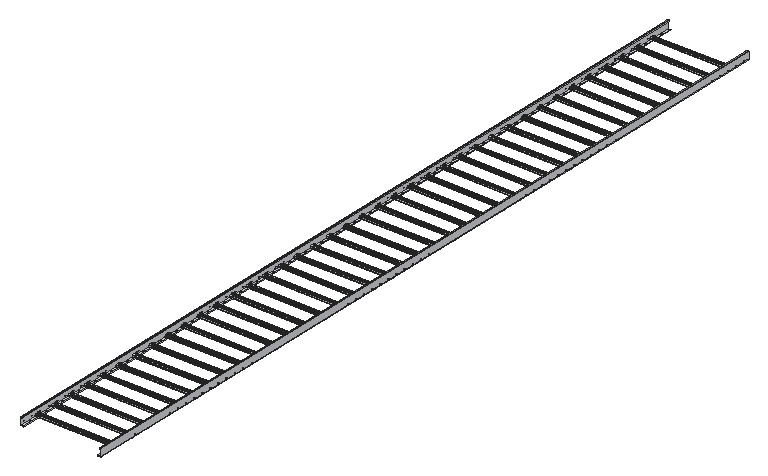
Revit family "Kabelleiter LG 60, 6 m VS FT", category Generic Models, Revit 2017 (continued)
Dimensions and locks
  locked: Extrusion 577 sketch curve to plane 1481 at 3.5
  locked: Extrusion 578 sketch curve to Extrusion 578 sketch curve at 7
  locked: Extrusion 578 sketch curve to plane 1483 at 3.5
  locked: Extrusion 579 sketch curve to Extrusion 579 sketch curve at 7
  locked: Extrusion 579 sketch curve to plane 1485 at 3.5
  locked: Extrusion 580 sketch curve to Extrusion 580 sketch curve at 7
  locked: Extrusion 580 sketch curve to plane 1487 at 3.5
  locked: Extrusion 581 sketch curve to Extrusion 581 sketch curve at 7
  locked: Extrusion 581 sketch curve to plane 1489 at 3.5
  locked: Extrusion 582 sketch curve to Extrusion 582 sketch curve at 7
  locked: Extrusion 582 sketch curve to plane 1491 at 3.5
  locked: Extrusion 583 sketch curve to Extrusion 583 sketch curve at 7
  locked: Extrusion 583 sketch curve to plane 1493 at 3.5
  locked: Extrusion 584 sketch curve to Extrusion 584 sketch curve at 7
  locked: Extrusion 584 sketch curve to plane 1495 at 3.5
  locked: Extrusion 585 sketch curve to Extrusion 585 sketch curve at 7
  locked: Extrusion 585 sketch curve to plane 1497 at 3.5
  locked: Extrusion 586 sketch curve to Extrusion 586 sketch curve at 7
  locked: Extrusion 586 sketch curve to plane 1499 at 3.5
  locked: Extrusion 587 sketch curve to Extrusion 587 sketch curve at 7
  locked: Extrusion 587 sketch curve to plane 1501 at 3.5
  locked: Extrusion 588 sketch curve to Extrusion 588 sketch curve at 7
  locked: Extrusion 588 sketch curve to plane 1503 at 3.5
  locked: Extrusion 589 sketch curve to Extrusion 589 sketch curve at 7
  locked: Extrusion 589 sketch curve to plane 1505 at 3.5
  locked: Extrusion 590 sketch curve to Extrusion 590 sketch curve at 7
  locked: Extrusion 590 sketch curve to plane 1507 at 3.5
  locked: Extrusion 591 sketch curve to Extrusion 591 sketch curve at 7
  locked: Extrusion 591 sketch curve to plane 1509 at 3.5
  locked: Extrusion 592 sketch curve to Extrusion 592 sketch curve at 7
  locked: Extrusion 592 sketch curve to plane 1511 at 3.5
  locked: Extrusion 593 sketch curve to Extrusion 593 sketch curve at 7
  locked: Extrusion 593 sketch curve to plane 1513 at 3.5
  locked: Extrusion 594 sketch curve to Extrusion 594 sketch curve at 7
  locked: Extrusion 594 sketch curve to plane 1515 at 3.5
  locked: Extrusion 595 sketch curve to Extrusion 595 sketch curve at 7
  locked: Extrusion 595 sketch curve to plane 1517 at 3.5
  locked: Extrusion 596 sketch curve to Extrusion 596 sketch curve at 7
  locked: Extrusion 596 sketch curve to plane 1519 at 3.5
  locked: Extrusion 597 sketch curve to Extrusion 597 sketch curve at 7
  locked: Extrusion 597 sketch curve to plane 1521 at 3.5
  locked: Extrusion 598 sketch curve to Extrusion 598 sketch curve at 7
  locked: Extrusion 598 sketch curve to plane 1523 at 3.5
  locked: Extrusion 599 sketch curve to Extrusion 599 sketch curve at 7
  locked: Extrusion 599 sketch curve to plane 1525 at 3.5
  locked: Extrusion 600 sketch curve to Extrusion 600 sketch curve at 7
  locked: Extrusion 600 sketch curve to plane 1527 at 3.5
  locked: Extrusion 601 sketch curve to Extrusion 601 sketch curve at 7
  locked: Extrusion 601 sketch curve to plane 1529 at 3.5
  locked: Extrusion 602 sketch curve to Extrusion 602 sketch curve at 7
  locked: Extrusion 602 sketch curve to plane 1531 at 3.5
  locked: Extrusion 603 sketch curve to Extrusion 603 sketch curve at 7
  locked: Extrusion 603 sketch curve to plane 1533 at 3.5
  locked: plane 1536 to plane 1535 at 57.5
  locked: Extrusion 604 sketch curve to Extrusion 604 sketch curve at 11
  locked: plane 1535 to Extrusion 604 sketch curve at 5.5
  locked: Extrusion 604 sketch curve to plane 1537 at 8.5
  locked: plane 1539 to plane 1538 at 57.5
  locked: Extrusion 605 sketch curve to Extrusion 605 sketch curve at 11
  locked: plane 1538 to Extrusion 605 sketch curve at 5.5
  locked: Extrusion 605 sketch curve to plane 1540 at 8.5
  locked: plane 1542 to plane 1541 at 57.5
  locked: Extrusion 606 sketch curve to Extrusion 606 sketch curve at 11
  locked: plane 1541 to Extrusion 606 sketch curve at 5.5
  locked: Extrusion 606 sketch curve to plane 1543 at 8.5
  locked: plane 1545 to plane 1544 at 57.5
  locked: Extrusion 607 sketch curve to Extrusion 607 sketch curve at 11
  locked: plane 1544 to Extrusion 607 sketch curve at 5.5
  locked: Extrusion 607 sketch curve to plane 1546 at 8.5
  locked: plane 1548 to plane 1547 at 57.5
  locked: Extrusion 608 sketch curve to Extrusion 608 sketch curve at 11
  locked: plane 1547 to Extrusion 608 sketch curve at 5.5
  locked: Extrusion 608 sketch curve to plane 1549 at 8.5
  locked: plane 1551 to plane 1550 at 57.5
  locked: Extrusion 609 sketch curve to Extrusion 609 sketch curve at 11
  locked: plane 1550 to Extrusion 609 sketch curve at 5.5
  locked: Extrusion 609 sketch curve to plane 1552 at 8.5
  locked: plane 1554 to plane 1553 at 57.5
  locked: Extrusion 610 sketch curve to Extrusion 610 sketch curve at 11
  locked: plane 1553 to Extrusion 610 sketch curve at 5.5
  locked: Extrusion 610 sketch curve to plane 1555 at 8.5
  locked: plane 1557 to plane 1556 at 57.5
  locked: Extrusion 611 sketch curve to Extrusion 611 sketch curve at 11
  locked: plane 1556 to Extrusion 611 sketch curve at 5.5
  locked: Extrusion 611 sketch curve to plane 1558 at 8.5
  locked: plane 1560 to plane 1559 at 57.5
  locked: Extrusion 612 sketch curve to Extrusion 612 sketch curve at 11
  locked: plane 1559 to Extrusion 612 sketch curve at 5.5
  locked: Extrusion 612 sketch curve to plane 1561 at 8.5
  locked: plane 1563 to plane 1562 at 57.5
  locked: Extrusion 613 sketch curve to Extrusion 613 sketch curve at 11
  locked: plane 1562 to Extrusion 613 sketch curve at 5.5
  locked: Extrusion 613 sketch curve to plane 1564 at 8.5
  locked: plane 1566 to plane 1565 at 57.5
  locked: Extrusion 614 sketch curve to Extrusion 614 sketch curve at 11
  locked: plane 1565 to Extrusion 614 sketch curve at 5.5
  locked: Extrusion 614 sketch curve to plane 1567 at 8.5
  locked: plane 1569 to plane 1568 at 57.5
  locked: Extrusion 615 sketch curve to Extrusion 615 sketch curve at 11
  locked: plane 1568 to Extrusion 615 sketch curve at 5.5
  locked: Extrusion 615 sketch curve to plane 1570 at 8.5
  locked: plane 1572 to plane 1571 at 57.5
  locked: Extrusion 616 sketch curve to Extrusion 616 sketch curve at 11
  locked: plane 1571 to Extrusion 616 sketch curve at 5.5
  locked: Extrusion 616 sketch curve to plane 1573 at 8.5
  locked: plane 1575 to plane 1574 at 57.5
  locked: Extrusion 617 sketch curve to Extrusion 617 sketch curve at 11
  locked: plane 1574 to Extrusion 617 sketch curve at 5.5
  locked: Extrusion 617 sketch curve to plane 1576 at 8.5
  locked: plane 1578 to plane 1577 at 57.5
  locked: Extrusion 618 sketch curve to Extrusion 618 sketch curve at 11
  locked: plane 1577 to Extrusion 618 sketch curve at 5.5
  locked: Extrusion 618 sketch curve to plane 1579 at 8.5
  locked: plane 1581 to plane 1580 at 57.5
  locked: Extrusion 619 sketch curve to Extrusion 619 sketch curve at 11
  locked: plane 1580 to Extrusion 619 sketch curve at 5.5
  locked: Extrusion 619 sketch curve to plane 1582 at 8.5
  locked: plane 1584 to plane 1583 at 57.5
  locked: Extrusion 620 sketch curve to Extrusion 620 sketch curve at 11
  locked: plane 1583 to Extrusion 620 sketch curve at 5.5
  locked: Extrusion 620 sketch curve to plane 1585 at 8.5
  locked: plane 1587 to plane 1586 at 57.5
  locked: Extrusion 621 sketch curve to Extrusion 621 sketch curve at 11
  locked: plane 1586 to Extrusion 621 sketch curve at 5.5
  locked: Extrusion 621 sketch curve to plane 1588 at 8.5
  locked: plane 1590 to plane 1589 at 57.5
  locked: Extrusion 622 sketch curve to Extrusion 622 sketch curve at 11
  locked: plane 1589 to Extrusion 622 sketch curve at 5.5
  locked: Extrusion 622 sketch curve to plane 1591 at 8.5
  locked: plane 1593 to plane 1592 at 57.5
  locked: Extrusion 623 sketch curve to Extrusion 623 sketch curve at 11
  locked: plane 1592 to Extrusion 623 sketch curve at 5.5
  locked: Extrusion 623 sketch curve to plane 1594 at 8.5
  locked: plane 1596 to plane 1595 at 57.5
  locked: Extrusion 624 sketch curve to Extrusion 624 sketch curve at 11
  locked: plane 1595 to Extrusion 624 sketch curve at 5.5
  locked: Extrusion 624 sketch curve to plane 1597 at 8.5
  locked: plane 1599 to plane 1598 at 57.5
  locked: Extrusion 625 sketch curve to Extrusion 625 sketch curve at 11
  locked: plane 1598 to Extrusion 625 sketch curve at 5.5
  locked: Extrusion 625 sketch curve to plane 1600 at 8.5
  locked: plane 1602 to plane 1601 at 57.5
  locked: Extrusion 626 sketch curve to Extrusion 626 sketch curve at 11
  locked: plane 1601 to Extrusion 626 sketch curve at 5.5
  locked: Extrusion 626 sketch curve to plane 1603 at 8.5
  locked: plane 1605 to plane 1604 at 57.5
  locked: Extrusion 627 sketch curve to Extrusion 627 sketch curve at 11
  locked: plane 1604 to Extrusion 627 sketch curve at 5.5
  locked: Extrusion 627 sketch curve to plane 1606 at 8.5
  locked: plane 1608 to plane 1607 at 57.5
  locked: Extrusion 628 sketch curve to Extrusion 628 sketch curve at 11
  locked: plane 1607 to Extrusion 628 sketch curve at 5.5
  locked: Extrusion 628 sketch curve to plane 1609 at 8.5
  locked: plane 1611 to plane 1610 at 57.5
  locked: Extrusion 629 sketch curve to Extrusion 629 sketch curve at 11
  locked: plane 1610 to Extrusion 629 sketch curve at 5.5
  locked: Extrusion 629 sketch curve to plane 1612 at 8.5
  locked: plane 1614 to plane 1613 at 57.5
  locked: Extrusion 630 sketch curve to Extrusion 630 sketch curve at 11
  locked: plane 1613 to Extrusion 630 sketch curve at 5.5
  locked: Extrusion 630 sketch curve to plane 1615 at 8.5
  locked: plane 1617 to plane 1616 at 57.5
  locked: Extrusion 631 sketch curve to Extrusion 631 sketch curve at 11
  locked: plane 1616 to Extrusion 631 sketch curve at 5.5
  locked: Extrusion 631 sketch curve to plane 1618 at 8.5
  locked: plane 1620 to plane 1619 at 57.5
  locked: Extrusion 632 sketch curve to Extrusion 632 sketch curve at 11
  locked: plane 1619 to Extrusion 632 sketch curve at 5.5
  locked: Extrusion 632 sketch curve to plane 1621 at 8.5
  locked: plane 1623 to plane 1622 at 57.5
  locked: Extrusion 633 sketch curve to Extrusion 633 sketch curve at 11
  locked: plane 1622 to Extrusion 633 sketch curve at 5.5
  locked: Extrusion 633 sketch curve to plane 1624 at 8.5
  locked: plane 1626 to plane 1625 at 57.5
  locked: Extrusion 634 sketch curve to Extrusion 634 sketch curve at 11
  locked: plane 1625 to Extrusion 634 sketch curve at 5.5
  locked: Extrusion 634 sketch curve to plane 1627 at 8.5
  locked: plane 1629 to plane 1628 at 57.5
  locked: Extrusion 635 sketch curve to Extrusion 635 sketch curve at 11
  locked: plane 1628 to Extrusion 635 sketch curve at 5.5
  locked: Extrusion 635 sketch curve to plane 1630 at 8.5
  locked: plane 1632 to plane 1631 at 57.5
  locked: Extrusion 636 sketch curve to Extrusion 636 sketch curve at 11
  locked: plane 1631 to Extrusion 636 sketch curve at 5.5
  locked: Extrusion 636 sketch curve to plane 1633 at 8.5
  locked: plane 1635 to plane 1634 at 57.5
  locked: Extrusion 637 sketch curve to Extrusion 637 sketch curve at 11
  locked: plane 1634 to Extrusion 637 sketch curve at 5.5
  locked: Extrusion 637 sketch curve to plane 1636 at 8.5
  locked: plane 1638 to plane 1637 at 57.5
  locked: Extrusion 638 sketch curve to Extrusion 638 sketch curve at 11
  locked: plane 1637 to Extrusion 638 sketch curve at 5.5
  locked: Extrusion 638 sketch curve to plane 1639 at 8.5
  locked: plane 1641 to plane 1640 at 57.5
  locked: Extrusion 639 sketch curve to Extrusion 639 sketch curve at 11
  locked: plane 1640 to Extrusion 639 sketch curve at 5.5
  locked: Extrusion 639 sketch curve to plane 1642 at 8.5
  locked: plane 1644 to plane 1643 at 57.5
  locked: Extrusion 640 sketch curve to Extrusion 640 sketch curve at 11
  locked: plane 1643 to Extrusion 640 sketch curve at 5.5
  locked: Extrusion 640 sketch curve to plane 1645 at 8.5
  locked: Extrusion 641 sketch curve to Extrusion 641 sketch curve at 7
  locked: Extrusion 641 sketch curve to plane 1646 at 3.5
  locked: Extrusion 642 sketch curve to Extrusion 642 sketch curve at 7
  locked: Extrusion 642 sketch curve to plane 1648 at 3.5
  locked: Extrusion 643 sketch curve to Extrusion 643 sketch curve at 7
  locked: Extrusion 643 sketch curve to plane 1650 at 3.5
  locked: Extrusion 644 sketch curve to Extrusion 644 sketch curve at 7
  locked: Extrusion 644 sketch curve to plane 1652 at 3.5
  locked: Extrusion 645 sketch curve to Extrusion 645 sketch curve at 7
  locked: Extrusion 645 sketch curve to plane 1654 at 3.5
  locked: Extrusion 646 sketch curve to Extrusion 646 sketch curve at 7
  locked: Extrusion 646 sketch curve to plane 1656 at 3.5
  locked: Extrusion 647 sketch curve to Extrusion 647 sketch curve at 7
  locked: Extrusion 647 sketch curve to plane 1658 at 3.5
  locked: Extrusion 648 sketch curve to Extrusion 648 sketch curve at 7
  locked: Extrusion 648 sketch curve to plane 1660 at 3.5
  locked: Extrusion 649 sketch curve to Extrusion 649 sketch curve at 7
  locked: Extrusion 649 sketch curve to plane 1662 at 3.5
  locked: Extrusion 650 sketch curve to Extrusion 650 sketch curve at 7
  locked: Extrusion 650 sketch curve to plane 1664 at 3.5
  locked: Extrusion 651 sketch curve to Extrusion 651 sketch curve at 7
  locked: Extrusion 651 sketch curve to plane 1666 at 3.5
  locked: Extrusion 652 sketch curve to Extrusion 652 sketch curve at 7
  locked: Extrusion 652 sketch curve to plane 1668 at 3.5
  locked: Extrusion 653 sketch curve to Extrusion 653 sketch curve at 7
  locked: Extrusion 653 sketch curve to plane 1670 at 3.5
  locked: Extrusion 654 sketch curve to Extrusion 654 sketch curve at 7
  locked: Extrusion 654 sketch curve to plane 1672 at 3.5
  locked: Extrusion 655 sketch curve to Extrusion 655 sketch curve at 7
  locked: Extrusion 655 sketch curve to plane 1674 at 3.5
  locked: Extrusion 656 sketch curve to Extrusion 656 sketch curve at 7
  locked: Extrusion 656 sketch curve to plane 1676 at 3.5
  locked: Extrusion 657 sketch curve to Extrusion 657 sketch curve at 7
  locked: Extrusion 657 sketch curve to plane 1678 at 3.5
  locked: Extrusion 658 sketch curve to Extrusion 658 sketch curve at 7
  locked: Extrusion 658 sketch curve to plane 1680 at 3.5
  locked: Extrusion 659 sketch curve to Extrusion 659 sketch curve at 7
  locked: Extrusion 659 sketch curve to plane 1682 at 3.5
  locked: Extrusion 660 sketch curve to Extrusion 660 sketch curve at 7
  locked: Extrusion 660 sketch curve to plane 1684 at 3.5
  locked: Extrusion 661 sketch curve to Extrusion 661 sketch curve at 7
  locked: Extrusion 661 sketch curve to plane 1686 at 3.5
  locked: Extrusion 662 sketch curve to Extrusion 662 sketch curve at 7
  locked: Extrusion 662 sketch curve to plane 1688 at 3.5
  locked: Extrusion 663 sketch curve to Extrusion 663 sketch curve at 7
  locked: Extrusion 663 sketch curve to plane 1690 at 3.5
  locked: Extrusion 664 sketch curve to Extrusion 664 sketch curve at 7
  locked: Extrusion 664 sketch curve to plane 1692 at 3.5
  locked: Extrusion 665 sketch curve to Extrusion 665 sketch curve at 7
  locked: Extrusion 665 sketch curve to plane 1694 at 3.5
  locked: Extrusion 666 sketch curve to Extrusion 666 sketch curve at 7
  locked: Extrusion 666 sketch curve to plane 1696 at 3.5
  locked: Extrusion 667 sketch curve to Extrusion 667 sketch curve at 7
  locked: Extrusion 667 sketch curve to plane 1698 at 3.5
  locked: Extrusion 668 sketch curve to Extrusion 668 sketch curve at 7
  locked: Extrusion 668 sketch curve to plane 1700 at 3.5
  locked: Extrusion 669 sketch curve to Extrusion 669 sketch curve at 7
  locked: Extrusion 669 sketch curve to plane 1702 at 3.5
  locked: Extrusion 670 sketch curve to Extrusion 670 sketch curve at 7
  locked: Extrusion 670 sketch curve to plane 1704 at 3.5
  locked: Extrusion 671 sketch curve to Extrusion 671 sketch curve at 7
  locked: Extrusion 671 sketch curve to plane 1706 at 3.5
  locked: Extrusion 672 sketch curve to Extrusion 672 sketch curve at 7
  locked: Extrusion 672 sketch curve to plane 1708 at 3.5
  locked: Extrusion 673 sketch curve to Extrusion 673 sketch curve at 7
  locked: Extrusion 673 sketch curve to plane 1710 at 3.5
  locked: Extrusion 674 sketch curve to Extrusion 674 sketch curve at 7
  locked: Extrusion 674 sketch curve to plane 1712 at 3.5
  locked: Extrusion 675 sketch curve to Extrusion 675 sketch curve at 7
  locked: Extrusion 675 sketch curve to plane 1714 at 3.5
  locked: Extrusion 676 sketch curve to Extrusion 676 sketch curve at 7
  locked: Extrusion 676 sketch curve to plane 1716 at 3.5
  locked: Extrusion 677 sketch curve to Extrusion 677 sketch curve at 7
  locked: Extrusion 677 sketch curve to plane 1718 at 3.5
  locked: plane 1721 to plane 1720 at 57.5
  locked: Extrusion 678 sketch curve to Extrusion 678 sketch curve at 11
  locked: plane 1720 to Extrusion 678 sketch curve at 5.5
  locked: Extrusion 678 sketch curve to plane 1722 at 8.5
  locked: plane 1724 to plane 1723 at 57.5
  locked: Extrusion 679 sketch curve to Extrusion 679 sketch curve at 11
  locked: plane 1723 to Extrusion 679 sketch curve at 5.5
  locked: Extrusion 679 sketch curve to plane 1725 at 8.5
  locked: plane 1727 to plane 1726 at 57.5
  locked: Extrusion 680 sketch curve to Extrusion 680 sketch curve at 11
  locked: plane 1726 to Extrusion 680 sketch curve at 5.5
  locked: Extrusion 680 sketch curve to plane 1728 at 8.5
  locked: plane 1730 to plane 1729 at 57.5
  locked: Extrusion 681 sketch curve to Extrusion 681 sketch curve at 11
  locked: plane 1729 to Extrusion 681 sketch curve at 5.5
  locked: Extrusion 681 sketch curve to plane 1731 at 8.5
  locked: plane 1733 to plane 1732 at 57.5
  locked: Extrusion 682 sketch curve to Extrusion 682 sketch curve at 11
  locked: plane 1732 to Extrusion 682 sketch curve at 5.5
  locked: Extrusion 682 sketch curve to plane 1734 at 8.5
  locked: plane 1736 to plane 1735 at 57.5
  locked: Extrusion 683 sketch curve to Extrusion 683 sketch curve at 11
  locked: plane 1735 to Extrusion 683 sketch curve at 5.5
  locked: Extrusion 683 sketch curve to plane 1737 at 8.5
  locked: plane 1739 to plane 1738 at 57.5
  locked: Extrusion 684 sketch curve to Extrusion 684 sketch curve at 11
  locked: plane 1738 to Extrusion 684 sketch curve at 5.5
  locked: Extrusion 684 sketch curve to plane 1740 at 8.5
  locked: plane 1742 to plane 1741 at 57.5
  locked: Extrusion 685 sketch curve to Extrusion 685 sketch curve at 11
  locked: plane 1741 to Extrusion 685 sketch curve at 5.5
  locked: Extrusion 685 sketch curve to plane 1743 at 8.5
  locked: plane 1745 to plane 1744 at 57.5
  locked: Extrusion 686 sketch curve to Extrusion 686 sketch curve at 11
  locked: plane 1744 to Extrusion 686 sketch curve at 5.5
  locked: Extrusion 686 sketch curve to plane 1746 at 8.5
  locked: plane 1748 to plane 1747 at 57.5
  locked: Extrusion 687 sketch curve to Extrusion 687 sketch curve at 11
  locked: plane 1747 to Extrusion 687 sketch curve at 5.5
  locked: Extrusion 687 sketch curve to plane 1749 at 8.5
  locked: plane 1751 to plane 1750 at 57.5
  locked: Extrusion 688 sketch curve to Extrusion 688 sketch curve at 11
  locked: plane 1750 to Extrusion 688 sketch curve at 5.5
  locked: Extrusion 688 sketch curve to plane 1752 at 8.5
  locked: plane 1754 to plane 1753 at 57.5
  locked: Extrusion 689 sketch curve to Extrusion 689 sketch curve at 11
  locked: plane 1753 to Extrusion 689 sketch curve at 5.5
  locked: Extrusion 689 sketch curve to plane 1755 at 8.5
  locked: plane 1757 to plane 1756 at 57.5
  locked: Extrusion 690 sketch curve to Extrusion 690 sketch curve at 11
  locked: plane 1756 to Extrusion 690 sketch curve at 5.5
  locked: Extrusion 690 sketch curve to plane 1758 at 8.5
  locked: plane 1760 to plane 1759 at 57.5
  locked: Extrusion 691 sketch curve to Extrusion 691 sketch curve at 11
  locked: plane 1759 to Extrusion 691 sketch curve at 5.5
  locked: Extrusion 691 sketch curve to plane 1761 at 8.5
  locked: plane 1763 to plane 1762 at 57.5
  locked: Extrusion 692 sketch curve to Extrusion 692 sketch curve at 11
  locked: plane 1762 to Extrusion 692 sketch curve at 5.5
  locked: Extrusion 692 sketch curve to plane 1764 at 8.5
  locked: plane 1766 to plane 1765 at 57.5
  locked: Extrusion 693 sketch curve to Extrusion 693 sketch curve at 11
  locked: plane 1765 to Extrusion 693 sketch curve at 5.5
  locked: Extrusion 693 sketch curve to plane 1767 at 8.5
  locked: plane 1769 to plane 1768 at 57.5
  locked: Extrusion 694 sketch curve to Extrusion 694 sketch curve at 11
  locked: plane 1768 to Extrusion 694 sketch curve at 5.5
  locked: Extrusion 694 sketch curve to plane 1770 at 8.5
  locked: plane 1772 to plane 1771 at 57.5
  locked: Extrusion 695 sketch curve to Extrusion 695 sketch curve at 11
  locked: plane 1771 to Extrusion 695 sketch curve at 5.5
  locked: Extrusion 695 sketch curve to plane 1773 at 8.5
  locked: plane 1775 to plane 1774 at 57.5
  locked: Extrusion 696 sketch curve to Extrusion 696 sketch curve at 11
  locked: plane 1774 to Extrusion 696 sketch curve at 5.5
  locked: Extrusion 696 sketch curve to plane 1776 at 8.5
  locked: plane 1778 to plane 1777 at 57.5
  locked: Extrusion 697 sketch curve to Extrusion 697 sketch curve at 11
  locked: plane 1777 to Extrusion 697 sketch curve at 5.5
  locked: Extrusion 697 sketch curve to plane 1779 at 8.5
  locked: plane 1781 to plane 1780 at 57.5
  locked: Extrusion 698 sketch curve to Extrusion 698 sketch curve at 11
  locked: plane 1780 to Extrusion 698 sketch curve at 5.5
  locked: Extrusion 698 sketch curve to plane 1782 at 8.5
  locked: plane 1784 to plane 1783 at 57.5
  locked: Extrusion 699 sketch curve to Extrusion 699 sketch curve at 11
  locked: plane 1783 to Extrusion 699 sketch curve at 5.5
  locked: Extrusion 699 sketch curve to plane 1785 at 8.5
  locked: plane 1787 to plane 1786 at 57.5
  locked: Extrusion 700 sketch curve to Extrusion 700 sketch curve at 11
  locked: plane 1786 to Extrusion 700 sketch curve at 5.5
  locked: Extrusion 700 sketch curve to plane 1788 at 8.5
  locked: plane 1790 to plane 1789 at 57.5
  locked: Extrusion 701 sketch curve to Extrusion 701 sketch curve at 11
  locked: plane 1789 to Extrusion 701 sketch curve at 5.5
  locked: Extrusion 701 sketch curve to plane 1791 at 8.5
  locked: plane 1793 to plane 1792 at 57.5
  locked: Extrusion 702 sketch curve to Extrusion 702 sketch curve at 11
  locked: plane 1792 to Extrusion 702 sketch curve at 5.5
  locked: Extrusion 702 sketch curve to plane 1794 at 8.5
  locked: plane 1796 to plane 1795 at 57.5
  locked: Extrusion 703 sketch curve to Extrusion 703 sketch curve at 11
  locked: plane 1795 to Extrusion 703 sketch curve at 5.5
  locked: Extrusion 703 sketch curve to plane 1797 at 8.5
  locked: plane 1799 to plane 1798 at 57.5
  locked: Extrusion 704 sketch curve to Extrusion 704 sketch curve at 11
  locked: plane 1798 to Extrusion 704 sketch curve at 5.5
  locked: Extrusion 704 sketch curve to plane 1800 at 8.5
  locked: plane 1802 to plane 1801 at 57.5
  locked: Extrusion 705 sketch curve to Extrusion 705 sketch curve at 11
  locked: plane 1801 to Extrusion 705 sketch curve at 5.5
  locked: Extrusion 705 sketch curve to plane 1803 at 8.5
  locked: plane 1805 to plane 1804 at 57.5
  locked: Extrusion 706 sketch curve to Extrusion 706 sketch curve at 11
  locked: plane 1804 to Extrusion 706 sketch curve at 5.5
  locked: Extrusion 706 sketch curve to plane 1806 at 8.5
  locked: plane 1808 to plane 1807 at 57.5
  locked: Extrusion 707 sketch curve to Extrusion 707 sketch curve at 11
  locked: plane 1807 to Extrusion 707 sketch curve at 5.5
  locked: Extrusion 707 sketch curve to plane 1809 at 8.5
  locked: plane 1811 to plane 1810 at 57.5
  locked: Extrusion 708 sketch curve to Extrusion 708 sketch curve at 11
  locked: plane 1810 to Extrusion 708 sketch curve at 5.5
  locked: Extrusion 708 sketch curve to plane 1812 at 8.5
  locked: plane 1814 to plane 1813 at 57.5
  locked: Extrusion 709 sketch curve to Extrusion 709 sketch curve at 11
  locked: plane 1813 to Extrusion 709 sketch curve at 5.5
  locked: Extrusion 709 sketch curve to plane 1815 at 8.5
  locked: plane 1817 to plane 1816 at 57.5
  locked: Extrusion 710 sketch curve to Extrusion 710 sketch curve at 11
  locked: plane 1816 to Extrusion 710 sketch curve at 5.5
  locked: Extrusion 710 sketch curve to plane 1818 at 8.5
  locked: plane 1820 to plane 1819 at 57.5
  locked: Extrusion 711 sketch curve to Extrusion 711 sketch curve at 11
  locked: plane 1819 to Extrusion 711 sketch curve at 5.5
  locked: Extrusion 711 sketch curve to plane 1821 at 8.5
  locked: plane 1823 to plane 1822 at 57.5
  locked: Extrusion 712 sketch curve to Extrusion 712 sketch curve at 11
  locked: plane 1822 to Extrusion 712 sketch curve at 5.5
  locked: Extrusion 712 sketch curve to plane 1824 at 8.5
  locked: plane 1826 to plane 1825 at 57.5
  locked: Extrusion 713 sketch curve to Extrusion 713 sketch curve at 11
  locked: plane 1825 to Extrusion 713 sketch curve at 5.5
  locked: Extrusion 713 sketch curve to plane 1827 at 8.5
  locked: plane 1829 to plane 1828 at 57.5
  locked: Extrusion 714 sketch curve to Extrusion 714 sketch curve at 11
  locked: plane 1828 to Extrusion 714 sketch curve at 5.5
  locked: Extrusion 714 sketch curve to plane 1830 at 8.5
  locked: Extrusion 715 sketch curve to Extrusion 715 sketch curve at 7
  locked: Extrusion 715 sketch curve to plane 1831 at 3.5
  locked: Extrusion 716 sketch curve to Extrusion 716 sketch curve at 7
  locked: Extrusion 716 sketch curve to plane 1833 at 3.5
  locked: Extrusion 717 sketch curve to Extrusion 717 sketch curve at 7
  locked: Extrusion 717 sketch curve to plane 1835 at 3.5
  locked: Extrusion 718 sketch curve to Extrusion 718 sketch curve at 7
  locked: Extrusion 718 sketch curve to plane 1837 at 3.5
  locked: Extrusion 719 sketch curve to Extrusion 719 sketch curve at 7
  locked: Extrusion 719 sketch curve to plane 1839 at 3.5
  locked: Extrusion 720 sketch curve to Extrusion 720 sketch curve at 7
  locked: Extrusion 720 sketch curve to plane 1841 at 3.5
  locked: Extrusion 721 sketch curve to Extrusion 721 sketch curve at 7
  locked: Extrusion 721 sketch curve to plane 1843 at 3.5
  locked: Extrusion 722 sketch curve to Extrusion 722 sketch curve at 7
  locked: Extrusion 722 sketch curve to plane 1845 at 3.5
  locked: Extrusion 723 sketch curve to Extrusion 723 sketch curve at 7
  locked: Extrusion 723 sketch curve to plane 1847 at 3.5
  locked: Extrusion 724 sketch curve to Extrusion 724 sketch curve at 7
  locked: Extrusion 724 sketch curve to plane 1849 at 3.5
  locked: Extrusion 725 sketch curve to Extrusion 725 sketch curve at 7
  locked: Extrusion 725 sketch curve to plane 1851 at 3.5
  locked: Extrusion 726 sketch curve to Extrusion 726 sketch curve at 7
  locked: Extrusion 726 sketch curve to plane 1853 at 3.5
  locked: Extrusion 727 sketch curve to Extrusion 727 sketch curve at 7
  locked: Extrusion 727 sketch curve to plane 1855 at 3.5
  locked: Extrusion 728 sketch curve to Extrusion 728 sketch curve at 7
  locked: Extrusion 728 sketch curve to plane 1857 at 3.5
  locked: Extrusion 729 sketch curve to Extrusion 729 sketch curve at 7
  locked: Extrusion 729 sketch curve to plane 1859 at 3.5
  locked: Extrusion 730 sketch curve to Extrusion 730 sketch curve at 7
  locked: Extrusion 730 sketch curve to plane 1861 at 3.5
  locked: Extrusion 731 sketch curve to Extrusion 731 sketch curve at 7
  locked: Extrusion 731 sketch curve to plane 1863 at 3.5
  locked: Extrusion 732 sketch curve to Extrusion 732 sketch curve at 7
  locked: Extrusion 732 sketch curve to plane 1865 at 3.5
  locked: Extrusion 733 sketch curve to Extrusion 733 sketch curve at 7
  locked: Extrusion 733 sketch curve to plane 1867 at 3.5
  locked: Extrusion 734 sketch curve to Extrusion 734 sketch curve at 7
  locked: Extrusion 734 sketch curve to plane 1869 at 3.5
  locked: Extrusion 735 sketch curve to Extrusion 735 sketch curve at 7
  locked: Extrusion 735 sketch curve to plane 1871 at 3.5
  locked: Extrusion 736 sketch curve to Extrusion 736 sketch curve at 7
  locked: Extrusion 736 sketch curve to plane 1873 at 3.5
  locked: Extrusion 737 sketch curve to Extrusion 737 sketch curve at 7
  locked: Extrusion 737 sketch curve to plane 1875 at 3.5
  locked: Extrusion 738 sketch curve to Extrusion 738 sketch curve at 7
  locked: Extrusion 738 sketch curve to plane 1877 at 3.5
  locked: Extrusion 739 sketch curve to Extrusion 739 sketch curve at 7
  locked: Extrusion 739 sketch curve to plane 1879 at 3.5
  locked: Extrusion 740 sketch curve to Extrusion 740 sketch curve at 7
  locked: Extrusion 740 sketch curve to plane 1881 at 3.5
  locked: Extrusion 741 sketch curve to Extrusion 741 sketch curve at 7
  locked: Extrusion 741 sketch curve to plane 1883 at 3.5
  locked: Extrusion 742 sketch curve to Extrusion 742 sketch curve at 7
  locked: Extrusion 742 sketch curve to plane 1885 at 3.5
  locked: Extrusion 743 sketch curve to Extrusion 743 sketch curve at 7
  locked: Extrusion 743 sketch curve to plane 1887 at 3.5
  locked: Extrusion 744 sketch curve to Extrusion 744 sketch curve at 7
  locked: Extrusion 744 sketch curve to plane 1889 at 3.5
  locked: Extrusion 745 sketch curve to Extrusion 745 sketch curve at 7
  locked: Extrusion 745 sketch curve to plane 1891 at 3.5
  locked: Extrusion 746 sketch curve to Extrusion 746 sketch curve at 7
  locked: Extrusion 746 sketch curve to plane 1893 at 3.5
  locked: Extrusion 747 sketch curve to Extrusion 747 sketch curve at 7
  locked: Extrusion 747 sketch curve to plane 1895 at 3.5
  locked: Extrusion 748 sketch curve to Extrusion 748 sketch curve at 7
  locked: Extrusion 748 sketch curve to plane 1897 at 3.5
  locked: Extrusion 749 sketch curve to Extrusion 749 sketch curve at 7
  locked: Extrusion 749 sketch curve to plane 1899 at 3.5
  locked: Extrusion 750 sketch curve to Extrusion 750 sketch curve at 7
  locked: Extrusion 750 sketch curve to plane 1901 at 3.5
  locked: Extrusion 751 sketch curve to Extrusion 751 sketch curve at 7
  locked: Extrusion 751 sketch curve to plane 1903 at 3.5
  locked: plane 1906 to plane 1905 at 57.5
  locked: Extrusion 752 sketch curve to Extrusion 752 sketch curve at 11
  locked: plane 1905 to Extrusion 752 sketch curve at 5.5
  locked: Extrusion 752 sketch curve to plane 1907 at 8.5
  locked: plane 1909 to plane 1908 at 57.5
  locked: Extrusion 753 sketch curve to Extrusion 753 sketch curve at 11
  locked: plane 1908 to Extrusion 753 sketch curve at 5.5
  locked: Extrusion 753 sketch curve to plane 1910 at 8.5
  locked: plane 1912 to plane 1911 at 57.5
  locked: Extrusion 754 sketch curve to Extrusion 754 sketch curve at 11
  locked: plane 1911 to Extrusion 754 sketch curve at 5.5
  locked: Extrusion 754 sketch curve to plane 1913 at 8.5
  locked: plane 1915 to plane 1914 at 57.5
  locked: Extrusion 755 sketch curve to Extrusion 755 sketch curve at 11
  locked: plane 1914 to Extrusion 755 sketch curve at 5.5
  locked: Extrusion 755 sketch curve to plane 1916 at 8.5
  locked: plane 1918 to plane 1917 at 57.5
  locked: Extrusion 756 sketch curve to Extrusion 756 sketch curve at 11
  locked: plane 1917 to Extrusion 756 sketch curve at 5.5
  locked: Extrusion 756 sketch curve to plane 1919 at 8.5
  locked: plane 1921 to plane 1920 at 57.5
  locked: Extrusion 757 sketch curve to Extrusion 757 sketch curve at 11
  locked: plane 1920 to Extrusion 757 sketch curve at 5.5
  locked: Extrusion 757 sketch curve to plane 1922 at 8.5
  locked: plane 1924 to plane 1923 at 57.5
  locked: Extrusion 758 sketch curve to Extrusion 758 sketch curve at 11
  locked: plane 1923 to Extrusion 758 sketch curve at 5.5
  locked: Extrusion 758 sketch curve to plane 1925 at 8.5
  locked: plane 1927 to plane 1926 at 57.5
  locked: Extrusion 759 sketch curve to Extrusion 759 sketch curve at 11
  locked: plane 1926 to Extrusion 759 sketch curve at 5.5
  locked: Extrusion 759 sketch curve to plane 1928 at 8.5
  locked: plane 1930 to plane 1929 at 57.5
  locked: Extrusion 760 sketch curve to Extrusion 760 sketch curve at 11
  locked: plane 1929 to Extrusion 760 sketch curve at 5.5
  locked: Extrusion 760 sketch curve to plane 1931 at 8.5
  locked: plane 1933 to plane 1932 at 57.5
  locked: Extrusion 761 sketch curve to Extrusion 761 sketch curve at 11
  locked: plane 1932 to Extrusion 761 sketch curve at 5.5
  locked: Extrusion 761 sketch curve to plane 1934 at 8.5
  locked: plane 1936 to plane 1935 at 57.5
  locked: Extrusion 762 sketch curve to Extrusion 762 sketch curve at 11
  locked: plane 1935 to Extrusion 762 sketch curve at 5.5
  locked: Extrusion 762 sketch curve to plane 1937 at 8.5
  locked: plane 1939 to plane 1938 at 57.5
  locked: Extrusion 763 sketch curve to Extrusion 763 sketch curve at 11
  locked: plane 1938 to Extrusion 763 sketch curve at 5.5
  locked: Extrusion 763 sketch curve to plane 1940 at 8.5
  locked: plane 1942 to plane 1941 at 57.5
  locked: Extrusion 764 sketch curve to Extrusion 764 sketch curve at 11
  locked: plane 1941 to Extrusion 764 sketch curve at 5.5
  locked: Extrusion 764 sketch curve to plane 1943 at 8.5
  locked: plane 1945 to plane 1944 at 57.5
  locked: Extrusion 765 sketch curve to Extrusion 765 sketch curve at 11
  locked: plane 1944 to Extrusion 765 sketch curve at 5.5
  locked: Extrusion 765 sketch curve to plane 1946 at 8.5
  locked: plane 1948 to plane 1947 at 57.5
  locked: Extrusion 766 sketch curve to Extrusion 766 sketch curve at 11
  locked: plane 1947 to Extrusion 766 sketch curve at 5.5
  locked: Extrusion 766 sketch curve to plane 1949 at 8.5
  locked: plane 1951 to plane 1950 at 57.5
  locked: Extrusion 767 sketch curve to Extrusion 767 sketch curve at 11
  locked: plane 1950 to Extrusion 767 sketch curve at 5.5
  locked: Extrusion 767 sketch curve to plane 1952 at 8.5
  locked: plane 1954 to plane 1953 at 57.5
  locked: Extrusion 768 sketch curve to Extrusion 768 sketch curve at 11
  locked: plane 1953 to Extrusion 768 sketch curve at 5.5
  locked: Extrusion 768 sketch curve to plane 1955 at 8.5
  locked: plane 1957 to plane 1956 at 57.5
  locked: Extrusion 769 sketch curve to Extrusion 769 sketch curve at 11
  locked: plane 1956 to Extrusion 769 sketch curve at 5.5
  locked: Extrusion 769 sketch curve to plane 1958 at 8.5
  locked: plane 1960 to plane 1959 at 57.5
  locked: Extrusion 770 sketch curve to Extrusion 770 sketch curve at 11
  locked: plane 1959 to Extrusion 770 sketch curve at 5.5
  locked: Extrusion 770 sketch curve to plane 1961 at 8.5
  locked: plane 1963 to plane 1962 at 57.5
  locked: Extrusion 771 sketch curve to Extrusion 771 sketch curve at 11
  locked: plane 1962 to Extrusion 771 sketch curve at 5.5
  locked: Extrusion 771 sketch curve to plane 1964 at 8.5
  locked: plane 1966 to plane 1965 at 57.5
  locked: Extrusion 772 sketch curve to Extrusion 772 sketch curve at 11
  locked: plane 1965 to Extrusion 772 sketch curve at 5.5
  locked: Extrusion 772 sketch curve to plane 1967 at 8.5
  locked: plane 1969 to plane 1968 at 57.5
  locked: Extrusion 773 sketch curve to Extrusion 773 sketch curve at 11
  locked: plane 1968 to Extrusion 773 sketch curve at 5.5
  locked: Extrusion 773 sketch curve to plane 1970 at 8.5
  locked: plane 1972 to plane 1971 at 57.5
  locked: Extrusion 774 sketch curve to Extrusion 774 sketch curve at 11
  locked: plane 1971 to Extrusion 774 sketch curve at 5.5
  locked: Extrusion 774 sketch curve to plane 1973 at 8.5
  locked: plane 1975 to plane 1974 at 57.5
  locked: Extrusion 775 sketch curve to Extrusion 775 sketch curve at 11
  locked: plane 1974 to Extrusion 775 sketch curve at 5.5
  locked: Extrusion 775 sketch curve to plane 1976 at 8.5
  locked: plane 1978 to plane 1977 at 57.5
  locked: Extrusion 776 sketch curve to Extrusion 776 sketch curve at 11
  locked: plane 1977 to Extrusion 776 sketch curve at 5.5
  locked: Extrusion 776 sketch curve to plane 1979 at 8.5
  locked: plane 1981 to plane 1980 at 57.5
  locked: Extrusion 777 sketch curve to Extrusion 777 sketch curve at 11
  locked: plane 1980 to Extrusion 777 sketch curve at 5.5
  locked: Extrusion 777 sketch curve to plane 1982 at 8.5
  locked: plane 1984 to plane 1983 at 57.5
  locked: Extrusion 778 sketch curve to Extrusion 778 sketch curve at 11
  locked: plane 1983 to Extrusion 778 sketch curve at 5.5
  locked: Extrusion 778 sketch curve to plane 1985 at 8.5
  locked: plane 1987 to plane 1986 at 57.5
  locked: Extrusion 779 sketch curve to Extrusion 779 sketch curve at 11
  locked: plane 1986 to Extrusion 779 sketch curve at 5.5
  locked: Extrusion 779 sketch curve to plane 1988 at 8.5
  locked: plane 1990 to plane 1989 at 57.5
  locked: Extrusion 780 sketch curve to Extrusion 780 sketch curve at 11
  locked: plane 1989 to Extrusion 780 sketch curve at 5.5
  locked: Extrusion 780 sketch curve to plane 1991 at 8.5
  locked: plane 1993 to plane 1992 at 57.5
  locked: Extrusion 781 sketch curve to Extrusion 781 sketch curve at 11
  locked: plane 1992 to Extrusion 781 sketch curve at 5.5
  locked: Extrusion 781 sketch curve to plane 1994 at 8.5
  locked: plane 1996 to plane 1995 at 57.5
  locked: Extrusion 782 sketch curve to Extrusion 782 sketch curve at 11
  locked: plane 1995 to Extrusion 782 sketch curve at 5.5
  locked: Extrusion 782 sketch curve to plane 1997 at 8.5
  locked: plane 1999 to plane 1998 at 57.5
  locked: Extrusion 783 sketch curve to Extrusion 783 sketch curve at 11
  locked: plane 1998 to Extrusion 783 sketch curve at 5.5
  locked: Extrusion 783 sketch curve to plane 2000 at 8.5
  locked: plane 2002 to plane 2001 at 57.5
  locked: Extrusion 784 sketch curve to Extrusion 784 sketch curve at 11
  locked: plane 2001 to Extrusion 784 sketch curve at 5.5
  locked: Extrusion 784 sketch curve to plane 2003 at 8.5
  locked: plane 2005 to plane 2004 at 57.5
  locked: Extrusion 785 sketch curve to Extrusion 785 sketch curve at 11
  locked: plane 2004 to Extrusion 785 sketch curve at 5.5
  locked: Extrusion 785 sketch curve to plane 2006 at 8.5
  locked: plane 2008 to plane 2007 at 57.5
  locked: Extrusion 786 sketch curve to Extrusion 786 sketch curve at 11
  locked: plane 2007 to Extrusion 786 sketch curve at 5.5
  locked: Extrusion 786 sketch curve to plane 2009 at 8.5
  locked: plane 2011 to plane 2010 at 57.5
  locked: Extrusion 787 sketch curve to Extrusion 787 sketch curve at 11
  locked: plane 2010 to Extrusion 787 sketch curve at 5.5
  locked: Extrusion 787 sketch curve to plane 2012 at 8.5
  locked: plane 2014 to plane 2013 at 57.5
  locked: Extrusion 788 sketch curve to Extrusion 788 sketch curve at 11
  locked: plane 2013 to Extrusion 788 sketch curve at 5.5
  locked: Extrusion 788 sketch curve to plane 2015 at 8.5
  locked: Extrusion 789 sketch curve to Extrusion 789 sketch curve at 7
  locked: Extrusion 789 sketch curve to plane 2016 at 3.5
  locked: Extrusion 790 sketch curve to Extrusion 790 sketch curve at 7
  locked: Extrusion 790 sketch curve to plane 2018 at 3.5
  locked: Extrusion 791 sketch curve to Extrusion 791 sketch curve at 7
  locked: Extrusion 791 sketch curve to plane 2020 at 3.5
  locked: Extrusion 792 sketch curve to Extrusion 792 sketch curve at 7
  locked: Extrusion 792 sketch curve to plane 2022 at 3.5
  locked: Extrusion 793 sketch curve to Extrusion 793 sketch curve at 7
  locked: Extrusion 793 sketch curve to plane 2024 at 3.5
  locked: Extrusion 794 sketch curve to Extrusion 794 sketch curve at 7
  locked: Extrusion 794 sketch curve to plane 2026 at 3.5
  locked: Extrusion 795 sketch curve to Extrusion 795 sketch curve at 7
  locked: Extrusion 795 sketch curve to plane 2028 at 3.5
  locked: Extrusion 796 sketch curve to Extrusion 796 sketch curve at 7
  locked: Extrusion 796 sketch curve to plane 2030 at 3.5
  locked: Extrusion 797 sketch curve to Extrusion 797 sketch curve at 7
  locked: Extrusion 797 sketch curve to plane 2032 at 3.5
  locked: Extrusion 798 sketch curve to Extrusion 798 sketch curve at 7
  locked: Extrusion 798 sketch curve to plane 2034 at 3.5
  locked: Extrusion 799 sketch curve to Extrusion 799 sketch curve at 7
  locked: Extrusion 799 sketch curve to plane 2036 at 3.5
  locked: Extrusion 800 sketch curve to Extrusion 800 sketch curve at 7
  locked: Extrusion 800 sketch curve to plane 2038 at 3.5
  locked: Extrusion 801 sketch curve to Extrusion 801 sketch curve at 7
  locked: Extrusion 801 sketch curve to plane 2040 at 3.5
  locked: Extrusion 802 sketch curve to Extrusion 802 sketch curve at 7
  locked: Extrusion 802 sketch curve to plane 2042 at 3.5
  locked: Extrusion 803 sketch curve to Extrusion 803 sketch curve at 7
  locked: Extrusion 803 sketch curve to plane 2044 at 3.5
  locked: Extrusion 804 sketch curve to Extrusion 804 sketch curve at 7
  locked: Extrusion 804 sketch curve to plane 2046 at 3.5
  locked: Extrusion 805 sketch curve to Extrusion 805 sketch curve at 7
  locked: Extrusion 805 sketch curve to plane 2048 at 3.5
  locked: Extrusion 806 sketch curve to Extrusion 806 sketch curve at 7
  locked: Extrusion 806 sketch curve to plane 2050 at 3.5
  locked: Extrusion 807 sketch curve to Extrusion 807 sketch curve at 7
  locked: Extrusion 807 sketch curve to plane 2052 at 3.5
  locked: Extrusion 808 sketch curve to Extrusion 808 sketch curve at 7
  locked: Extrusion 808 sketch curve to plane 2054 at 3.5
  locked: Extrusion 809 sketch curve to Extrusion 809 sketch curve at 7
  locked: Extrusion 809 sketch curve to plane 2056 at 3.5
  locked: Extrusion 810 sketch curve to Extrusion 810 sketch curve at 7
  locked: Extrusion 810 sketch curve to plane 2058 at 3.5
  locked: Extrusion 811 sketch curve to Extrusion 811 sketch curve at 7
  locked: Extrusion 811 sketch curve to plane 2060 at 3.5
  locked: Extrusion 812 sketch curve to Extrusion 812 sketch curve at 7
  locked: Extrusion 812 sketch curve to plane 2062 at 3.5
  locked: Extrusion 813 sketch curve to Extrusion 813 sketch curve at 7
  locked: Extrusion 813 sketch curve to plane 2064 at 3.5
  locked: Extrusion 814 sketch curve to Extrusion 814 sketch curve at 7
  locked: Extrusion 814 sketch curve to plane 2066 at 3.5
  locked: Extrusion 815 sketch curve to Extrusion 815 sketch curve at 7
  locked: Extrusion 815 sketch curve to plane 2068 at 3.5
  locked: Extrusion 816 sketch curve to Extrusion 816 sketch curve at 7
  locked: Extrusion 816 sketch curve to plane 2070 at 3.5
  locked: Extrusion 817 sketch curve to Extrusion 817 sketch curve at 7
  locked: Extrusion 817 sketch curve to plane 2072 at 3.5
  locked: Extrusion 818 sketch curve to Extrusion 818 sketch curve at 7
  locked: Extrusion 818 sketch curve to plane 2074 at 3.5
  locked: Extrusion 819 sketch curve to Extrusion 819 sketch curve at 7
  locked: Extrusion 819 sketch curve to plane 2076 at 3.5
  locked: Extrusion 820 sketch curve to Extrusion 820 sketch curve at 7
  locked: Extrusion 820 sketch curve to plane 2078 at 3.5
  locked: Extrusion 821 sketch curve to Extrusion 821 sketch curve at 7
  locked: Extrusion 821 sketch curve to plane 2080 at 3.5
  locked: Extrusion 822 sketch curve to Extrusion 822 sketch curve at 7
  locked: Extrusion 822 sketch curve to plane 2082 at 3.5
  locked: Extrusion 823 sketch curve to Extrusion 823 sketch curve at 7
  locked: Extrusion 823 sketch curve to plane 2084 at 3.5
  locked: Extrusion 824 sketch curve to Extrusion 824 sketch curve at 7
  locked: Extrusion 824 sketch curve to plane 2086 at 3.5
  locked: Extrusion 825 sketch curve to Extrusion 825 sketch curve at 7
  locked: Extrusion 825 sketch curve to plane 2088 at 3.5
  locked: plane 2091 to plane 2090 at 57.5
  locked: Extrusion 826 sketch curve to Extrusion 826 sketch curve at 11
  locked: plane 2090 to Extrusion 826 sketch curve at 5.5
  locked: Extrusion 826 sketch curve to plane 2092 at 8.5
  locked: plane 2094 to plane 2093 at 57.5
  locked: Extrusion 827 sketch curve to Extrusion 827 sketch curve at 11
  locked: plane 2093 to Extrusion 827 sketch curve at 5.5
  locked: Extrusion 827 sketch curve to plane 2095 at 8.5
  locked: plane 2097 to plane 2096 at 57.5
  locked: Extrusion 828 sketch curve to Extrusion 828 sketch curve at 11
  locked: plane 2096 to Extrusion 828 sketch curve at 5.5
  locked: Extrusion 828 sketch curve to plane 2098 at 8.5
  locked: plane 2100 to plane 2099 at 57.5
  locked: Extrusion 829 sketch curve to Extrusion 829 sketch curve at 11
  locked: plane 2099 to Extrusion 829 sketch curve at 5.5
  locked: Extrusion 829 sketch curve to plane 2101 at 8.5
  locked: plane 2103 to plane 2102 at 57.5
  locked: Extrusion 830 sketch curve to Extrusion 830 sketch curve at 11
  locked: plane 2102 to Extrusion 830 sketch curve at 5.5
  locked: Extrusion 830 sketch curve to plane 2104 at 8.5
  locked: plane 2106 to plane 2105 at 57.5
  locked: Extrusion 831 sketch curve to Extrusion 831 sketch curve at 11
  locked: plane 2105 to Extrusion 831 sketch curve at 5.5
  locked: Extrusion 831 sketch curve to plane 2107 at 8.5
  locked: plane 2109 to plane 2108 at 57.5
  locked: Extrusion 832 sketch curve to Extrusion 832 sketch curve at 11
  locked: plane 2108 to Extrusion 832 sketch curve at 5.5
  locked: Extrusion 832 sketch curve to plane 2110 at 8.5
  locked: plane 2112 to plane 2111 at 57.5
  locked: Extrusion 833 sketch curve to Extrusion 833 sketch curve at 11
  locked: plane 2111 to Extrusion 833 sketch curve at 5.5
  locked: Extrusion 833 sketch curve to plane 2113 at 8.5
  locked: plane 2115 to plane 2114 at 57.5
  locked: Extrusion 834 sketch curve to Extrusion 834 sketch curve at 11
  locked: plane 2114 to Extrusion 834 sketch curve at 5.5
  locked: Extrusion 834 sketch curve to plane 2116 at 8.5
  locked: plane 2118 to plane 2117 at 57.5
  locked: Extrusion 835 sketch curve to Extrusion 835 sketch curve at 11
  locked: plane 2117 to Extrusion 835 sketch curve at 5.5
  locked: Extrusion 835 sketch curve to plane 2119 at 8.5
  locked: plane 2121 to plane 2120 at 57.5
  locked: Extrusion 836 sketch curve to Extrusion 836 sketch curve at 11
  locked: plane 2120 to Extrusion 836 sketch curve at 5.5
  locked: Extrusion 836 sketch curve to plane 2122 at 8.5
  locked: plane 2124 to plane 2123 at 57.5
  locked: Extrusion 837 sketch curve to Extrusion 837 sketch curve at 11
  locked: plane 2123 to Extrusion 837 sketch curve at 5.5
  locked: Extrusion 837 sketch curve to plane 2125 at 8.5
  locked: plane 2127 to plane 2126 at 57.5
  locked: Extrusion 838 sketch curve to Extrusion 838 sketch curve at 11
  locked: plane 2126 to Extrusion 838 sketch curve at 5.5
  locked: Extrusion 838 sketch curve to plane 2128 at 8.5
  locked: plane 2130 to plane 2129 at 57.5
  locked: Extrusion 839 sketch curve to Extrusion 839 sketch curve at 11
  locked: plane 2129 to Extrusion 839 sketch curve at 5.5
  locked: Extrusion 839 sketch curve to plane 2131 at 8.5
  locked: plane 2133 to plane 2132 at 57.5
  locked: Extrusion 840 sketch curve to Extrusion 840 sketch curve at 11
  locked: plane 2132 to Extrusion 840 sketch curve at 5.5
  locked: Extrusion 840 sketch curve to plane 2134 at 8.5
  locked: plane 2136 to plane 2135 at 57.5
  locked: Extrusion 841 sketch curve to Extrusion 841 sketch curve at 11
  locked: plane 2135 to Extrusion 841 sketch curve at 5.5
  locked: Extrusion 841 sketch curve to plane 2137 at 8.5
  locked: plane 2139 to plane 2138 at 57.5
  locked: Extrusion 842 sketch curve to Extrusion 842 sketch curve at 11
  locked: plane 2138 to Extrusion 842 sketch curve at 5.5
  locked: Extrusion 842 sketch curve to plane 2140 at 8.5
  locked: plane 2142 to plane 2141 at 57.5
  locked: Extrusion 843 sketch curve to Extrusion 843 sketch curve at 11
  locked: plane 2141 to Extrusion 843 sketch curve at 5.5
  locked: Extrusion 843 sketch curve to plane 2143 at 8.5
  locked: plane 2145 to plane 2144 at 57.5
  locked: Extrusion 844 sketch curve to Extrusion 844 sketch curve at 11
  locked: plane 2144 to Extrusion 844 sketch curve at 5.5
  locked: Extrusion 844 sketch curve to plane 2146 at 8.5
  locked: plane 2148 to plane 2147 at 57.5
  locked: Extrusion 845 sketch curve to Extrusion 845 sketch curve at 11
  locked: plane 2147 to Extrusion 845 sketch curve at 5.5
  locked: Extrusion 845 sketch curve to plane 2149 at 8.5
  locked: plane 2151 to plane 2150 at 57.5
  locked: Extrusion 846 sketch curve to Extrusion 846 sketch curve at 11
  locked: plane 2150 to Extrusion 846 sketch curve at 5.5
  locked: Extrusion 846 sketch curve to plane 2152 at 8.5
  locked: plane 2154 to plane 2153 at 57.5
  locked: Extrusion 847 sketch curve to Extrusion 847 sketch curve at 11
  locked: plane 2153 to Extrusion 847 sketch curve at 5.5
  locked: Extrusion 847 sketch curve to plane 2155 at 8.5
  locked: plane 2157 to plane 2156 at 57.5
  locked: Extrusion 848 sketch curve to Extrusion 848 sketch curve at 11
  locked: plane 2156 to Extrusion 848 sketch curve at 5.5
  locked: Extrusion 848 sketch curve to plane 2158 at 8.5
  locked: plane 2160 to plane 2159 at 57.5
  locked: Extrusion 849 sketch curve to Extrusion 849 sketch curve at 11
  locked: plane 2159 to Extrusion 849 sketch curve at 5.5
  locked: Extrusion 849 sketch curve to plane 2161 at 8.5
  locked: plane 2163 to plane 2162 at 57.5
  locked: Extrusion 850 sketch curve to Extrusion 850 sketch curve at 11
  locked: plane 2162 to Extrusion 850 sketch curve at 5.5
  locked: Extrusion 850 sketch curve to plane 2164 at 8.5
  locked: plane 2166 to plane 2165 at 57.5
  locked: Extrusion 851 sketch curve to Extrusion 851 sketch curve at 11
  locked: plane 2165 to Extrusion 851 sketch curve at 5.5
  locked: Extrusion 851 sketch curve to plane 2167 at 8.5
  locked: plane 2169 to plane 2168 at 57.5
  locked: Extrusion 852 sketch curve to Extrusion 852 sketch curve at 11
  locked: plane 2168 to Extrusion 852 sketch curve at 5.5
  locked: Extrusion 852 sketch curve to plane 2170 at 8.5
  locked: plane 2172 to plane 2171 at 57.5
  locked: Extrusion 853 sketch curve to Extrusion 853 sketch curve at 11
  locked: plane 2171 to Extrusion 853 sketch curve at 5.5
  locked: Extrusion 853 sketch curve to plane 2173 at 8.5
  locked: plane 2175 to plane 2174 at 57.5
  locked: Extrusion 854 sketch curve to Extrusion 854 sketch curve at 11
  locked: plane 2174 to Extrusion 854 sketch curve at 5.5
  locked: Extrusion 854 sketch curve to plane 2176 at 8.5
  locked: plane 2178 to plane 2177 at 57.5
  locked: Extrusion 855 sketch curve to Extrusion 855 sketch curve at 11
  locked: plane 2177 to Extrusion 855 sketch curve at 5.5
  locked: Extrusion 855 sketch curve to plane 2179 at 8.5
  locked: plane 2181 to plane 2180 at 57.5
  locked: Extrusion 856 sketch curve to Extrusion 856 sketch curve at 11
  locked: plane 2180 to Extrusion 856 sketch curve at 5.5
  locked: Extrusion 856 sketch curve to plane 2182 at 8.5
  locked: plane 2184 to plane 2183 at 57.5
  locked: Extrusion 857 sketch curve to Extrusion 857 sketch curve at 11
  locked: plane 2183 to Extrusion 857 sketch curve at 5.5
  locked: Extrusion 857 sketch curve to plane 2185 at 8.5
  locked: plane 2187 to plane 2186 at 57.5
  locked: Extrusion 858 sketch curve to Extrusion 858 sketch curve at 11
  locked: plane 2186 to Extrusion 858 sketch curve at 5.5
  locked: Extrusion 858 sketch curve to plane 2188 at 8.5
  locked: plane 2190 to plane 2189 at 57.5
  locked: Extrusion 859 sketch curve to Extrusion 859 sketch curve at 11
  locked: plane 2189 to Extrusion 859 sketch curve at 5.5
  locked: Extrusion 859 sketch curve to plane 2191 at 8.5
  locked: plane 2193 to plane 2192 at 57.5
  locked: Extrusion 860 sketch curve to Extrusion 860 sketch curve at 11
  locked: plane 2192 to Extrusion 860 sketch curve at 5.5
  locked: Extrusion 860 sketch curve to plane 2194 at 8.5
  locked: plane 2196 to plane 2195 at 57.5
  locked: Extrusion 861 sketch curve to Extrusion 861 sketch curve at 11
  locked: plane 2195 to Extrusion 861 sketch curve at 5.5
  locked: Extrusion 861 sketch curve to plane 2197 at 8.5
  locked: plane 2199 to plane 2198 at 57.5
  locked: Extrusion 862 sketch curve to Extrusion 862 sketch curve at 11
  locked: plane 2198 to Extrusion 862 sketch curve at 5.5
  locked: Extrusion 862 sketch curve to plane 2200 at 8.5
  locked: Extrusion 863 sketch curve to Extrusion 863 sketch curve at 7
  locked: Extrusion 863 sketch curve to plane 2201 at 3.5
  locked: Extrusion 864 sketch curve to Extrusion 864 sketch curve at 7
  locked: Extrusion 864 sketch curve to plane 2203 at 3.5
  locked: Extrusion 865 sketch curve to Extrusion 865 sketch curve at 7
  locked: Extrusion 865 sketch curve to plane 2205 at 3.5
  locked: Extrusion 866 sketch curve to Extrusion 866 sketch curve at 7
  locked: Extrusion 866 sketch curve to plane 2207 at 3.5
  locked: Extrusion 867 sketch curve to Extrusion 867 sketch curve at 7
  locked: Extrusion 867 sketch curve to plane 2209 at 3.5
  locked: Extrusion 868 sketch curve to Extrusion 868 sketch curve at 7
  locked: Extrusion 868 sketch curve to plane 2211 at 3.5
  locked: Extrusion 869 sketch curve to Extrusion 869 sketch curve at 7
  locked: Extrusion 869 sketch curve to plane 2213 at 3.5
  locked: Extrusion 870 sketch curve to Extrusion 870 sketch curve at 7
  locked: Extrusion 870 sketch curve to plane 2215 at 3.5
  locked: Extrusion 871 sketch curve to Extrusion 871 sketch curve at 7
  locked: Extrusion 871 sketch curve to plane 2217 at 3.5
  locked: Extrusion 872 sketch curve to Extrusion 872 sketch curve at 7
  locked: Extrusion 872 sketch curve to plane 2219 at 3.5
  locked: Extrusion 873 sketch curve to Extrusion 873 sketch curve at 7
  locked: Extrusion 873 sketch curve to plane 2221 at 3.5
  locked: Extrusion 874 sketch curve to Extrusion 874 sketch curve at 7
  locked: Extrusion 874 sketch curve to plane 2223 at 3.5
  locked: Extrusion 875 sketch curve to Extrusion 875 sketch curve at 7
  locked: Extrusion 875 sketch curve to plane 2225 at 3.5
  locked: Extrusion 876 sketch curve to Extrusion 876 sketch curve at 7
  locked: Extrusion 876 sketch curve to plane 2227 at 3.5
  locked: Extrusion 877 sketch curve to Extrusion 877 sketch curve at 7
  locked: Extrusion 877 sketch curve to plane 2229 at 3.5
  locked: Extrusion 878 sketch curve to Extrusion 878 sketch curve at 7
  locked: Extrusion 878 sketch curve to plane 2231 at 3.5
  locked: Extrusion 879 sketch curve to Extrusion 879 sketch curve at 7
  locked: Extrusion 879 sketch curve to plane 2233 at 3.5
  locked: Extrusion 880 sketch curve to Extrusion 880 sketch curve at 7
  locked: Extrusion 880 sketch curve to plane 2235 at 3.5
  locked: Extrusion 881 sketch curve to Extrusion 881 sketch curve at 7
  locked: Extrusion 881 sketch curve to plane 2237 at 3.5
  locked: Extrusion 882 sketch curve to Extrusion 882 sketch curve at 7
  locked: Extrusion 882 sketch curve to plane 2239 at 3.5
  locked: Extrusion 883 sketch curve to Extrusion 883 sketch curve at 7
  locked: Extrusion 883 sketch curve to plane 2241 at 3.5
  locked: Extrusion 884 sketch curve to Extrusion 884 sketch curve at 7
  locked: Extrusion 884 sketch curve to plane 2243 at 3.5
  locked: Extrusion 885 sketch curve to Extrusion 885 sketch curve at 7
  locked: Extrusion 885 sketch curve to plane 2245 at 3.5
  locked: Extrusion 886 sketch curve to Extrusion 886 sketch curve at 7
  locked: Extrusion 886 sketch curve to plane 2247 at 3.5
  locked: Extrusion 887 sketch curve to Extrusion 887 sketch curve at 7
  locked: Extrusion 887 sketch curve to plane 2249 at 3.5
  locked: Extrusion 888 sketch curve to Extrusion 888 sketch curve at 7
  locked: Extrusion 888 sketch curve to plane 2251 at 3.5
  locked: Extrusion 889 sketch curve to Extrusion 889 sketch curve at 7
  locked: Extrusion 889 sketch curve to plane 2253 at 3.5
  locked: Extrusion 890 sketch curve to Extrusion 890 sketch curve at 7
  locked: Extrusion 890 sketch curve to plane 2255 at 3.5
  locked: Extrusion 891 sketch curve to Extrusion 891 sketch curve at 7
  locked: Extrusion 891 sketch curve to plane 2257 at 3.5
  locked: Extrusion 892 sketch curve to Extrusion 892 sketch curve at 7
  locked: Extrusion 892 sketch curve to plane 2259 at 3.5
  locked: Extrusion 893 sketch curve to Extrusion 893 sketch curve at 7
  locked: Extrusion 893 sketch curve to plane 2261 at 3.5
  locked: Extrusion 894 sketch curve to Extrusion 894 sketch curve at 7
  locked: Extrusion 894 sketch curve to plane 2263 at 3.5
  locked: Extrusion 895 sketch curve to Extrusion 895 sketch curve at 7
  locked: Extrusion 895 sketch curve to plane 2265 at 3.5
  locked: Extrusion 896 sketch curve to Extrusion 896 sketch curve at 7
  locked: Extrusion 896 sketch curve to plane 2267 at 3.5
  locked: Extrusion 897 sketch curve to Extrusion 897 sketch curve at 7
  locked: Extrusion 897 sketch curve to plane 2269 at 3.5
  locked: Extrusion 898 sketch curve to Extrusion 898 sketch curve at 7
  locked: Extrusion 898 sketch curve to plane 2271 at 3.5
  locked: Extrusion 899 sketch curve to Extrusion 899 sketch curve at 7
  locked: Extrusion 899 sketch curve to plane 2273 at 3.5
  locked: plane 2276 to plane 2275 at 57.5
  locked: Extrusion 900 sketch curve to Extrusion 900 sketch curve at 11
  locked: plane 2275 to Extrusion 900 sketch curve at 5.5
  locked: Extrusion 900 sketch curve to plane 2277 at 8.5
  locked: plane 2279 to plane 2278 at 57.5
  locked: Extrusion 901 sketch curve to Extrusion 901 sketch curve at 11
  locked: plane 2278 to Extrusion 901 sketch curve at 5.5
  locked: Extrusion 901 sketch curve to plane 2280 at 8.5
  locked: plane 2282 to plane 2281 at 57.5
  locked: Extrusion 902 sketch curve to Extrusion 902 sketch curve at 11
  locked: plane 2281 to Extrusion 902 sketch curve at 5.5
  locked: Extrusion 902 sketch curve to plane 2283 at 8.5
  locked: plane 2285 to plane 2284 at 57.5
  locked: Extrusion 903 sketch curve to Extrusion 903 sketch curve at 11
  locked: plane 2284 to Extrusion 903 sketch curve at 5.5
  locked: Extrusion 903 sketch curve to plane 2286 at 8.5
  locked: plane 2288 to plane 2287 at 57.5
  locked: Extrusion 904 sketch curve to Extrusion 904 sketch curve at 11
  locked: plane 2287 to Extrusion 904 sketch curve at 5.5
  locked: Extrusion 904 sketch curve to plane 2289 at 8.5
  locked: plane 2291 to plane 2290 at 57.5
  locked: Extrusion 905 sketch curve to Extrusion 905 sketch curve at 11
  locked: plane 2290 to Extrusion 905 sketch curve at 5.5
  locked: Extrusion 905 sketch curve to plane 2292 at 8.5
  locked: plane 2294 to plane 2293 at 57.5
  locked: Extrusion 906 sketch curve to Extrusion 906 sketch curve at 11
  locked: plane 2293 to Extrusion 906 sketch curve at 5.5
  locked: Extrusion 906 sketch curve to plane 2295 at 8.5
  locked: plane 2297 to plane 2296 at 57.5
  locked: Extrusion 907 sketch curve to Extrusion 907 sketch curve at 11
  locked: plane 2296 to Extrusion 907 sketch curve at 5.5
  locked: Extrusion 907 sketch curve to plane 2298 at 8.5
  locked: plane 2300 to plane 2299 at 57.5
  locked: Extrusion 908 sketch curve to Extrusion 908 sketch curve at 11
  locked: plane 2299 to Extrusion 908 sketch curve at 5.5
  locked: Extrusion 908 sketch curve to plane 2301 at 8.5
  locked: plane 2303 to plane 2302 at 57.5
  locked: Extrusion 909 sketch curve to Extrusion 909 sketch curve at 11
  locked: plane 2302 to Extrusion 909 sketch curve at 5.5
  locked: Extrusion 909 sketch curve to plane 2304 at 8.5
  locked: plane 2306 to plane 2305 at 57.5
  locked: Extrusion 910 sketch curve to Extrusion 910 sketch curve at 11
  locked: plane 2305 to Extrusion 910 sketch curve at 5.5
  locked: Extrusion 910 sketch curve to plane 2307 at 8.5
  locked: plane 2309 to plane 2308 at 57.5
  locked: Extrusion 911 sketch curve to Extrusion 911 sketch curve at 11
  locked: plane 2308 to Extrusion 911 sketch curve at 5.5
  locked: Extrusion 911 sketch curve to plane 2310 at 8.5
  locked: plane 2312 to plane 2311 at 57.5
  locked: Extrusion 912 sketch curve to Extrusion 912 sketch curve at 11
  locked: plane 2311 to Extrusion 912 sketch curve at 5.5
  locked: Extrusion 912 sketch curve to plane 2313 at 8.5
  locked: plane 2315 to plane 2314 at 57.5
  locked: Extrusion 913 sketch curve to Extrusion 913 sketch curve at 11
  locked: plane 2314 to Extrusion 913 sketch curve at 5.5
